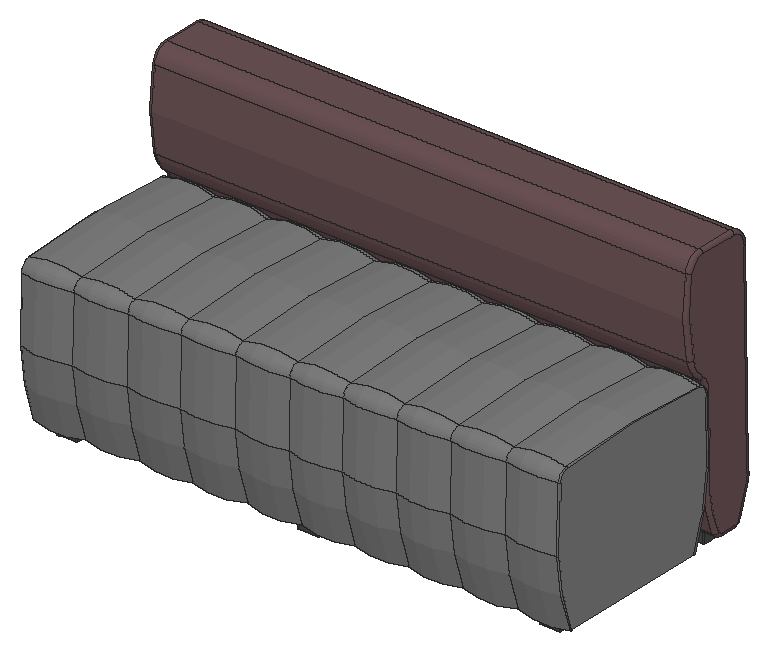
Revit family "Chair-Soft_Seating-Allermuir-Haven_Bench-HAB200B", category Furniture, Revit 2012
Parameters (values of type "HAB200B")
  ecoScorecard_data = "http://thesenatorgroup.ecoscorecard.com/product/HAB200B"
  ecoScorecard Product Page = "http://products.ecoscorecard.com/allermuir/HAB200B?action=html"
  Width = 0"
  Weight = 0.0 lbf
  Upholstered Seat = "No"
  Upholstered Back = "No"
  URL = "http://www.allermuir.net/Default.aspx"
  Subcategory = "Soft Seating"  # constant formula
  Stacks = no
  Specifications URL = ""
  Seat or Top = Fabric - Allermuir - Silcoates
  Product Page URL = "http://www.allermuir.net/Products.aspx?RangeId=495"
  Product Line = "Haven Bench"  # constant formula
  Pricing URL = ""
  Plugin Data URL = "http://products.ecoscorecard.com/thesenatorgroup/HAB200B"
  Plastic Arms in Black = "No"
  Model = "HAB200B"  # constant formula
  Manufacturer Phone - Toll Free = "(888) 887 5806"  # constant formula
  Manufacturer Phone = "(419) 887 5806"  # constant formula
  Manufacturer Fax = "(419) 887 5805"  # constant formula
  Manufacturer Email = "mailto:contact@allermuir-na.com"
  Manufacturer Address = "1630 Holland Road, Maumee, Ohio 43537 "  # constant formula
  Manufacturer = "Allermuir"  # constant formula
  LEED Stats URL = ""
  Height = 0"
  Fabric Spec Sheets = "http://www.allermuir.net/Services/File.ashx?Type=B&Id=51"
  Description = ""
  Depth = 0"
  Color Availability = "See price list for material options"  # constant formula
  CAD Blocks URL = ""
  Brochure URL = ""
  Base = Plastic - Allermuir - Black
  Back = Fabric - Allermuir - Upholstery - Velvet - Red
  Assembly Code = "E2020200"
  95 CSI = "12510"  # constant formula
  04 CSI = "12 51 00"  # constant formula
Reference planes
  plane 1 "Center Front/Back": y = 0
  plane 2: z = 0
  plane 3 "Center Left/Right": x = 0
  plane 4: y = 359.331
  plane 5: y = -323.637
  plane 6: z = 780.256
  plane 7: x = -760.699
  plane 8: x = 757.524
Dimensions and locks
  plane 4 to plane 5 = 26.88848"
  plane 6 to level = 30 23/32"  (x2)
  locked: plane 7 to plane 8 at 1518.222
  plane 5 to plane 1 "Center Front/Back" = 12.74161"
  aligned and locked: plane 3 "Center Left/Right" to nested 1
  aligned and locked: plane 5 to nested 1
  aligned and locked: nested 2 to plane 4
  aligned and locked: nested 2 to nested 1
Nested families
  nested 1: "HAB200BM" at (0, -58.341, 0), type "HAB200BM"
  nested 2: "HAB200BM-Back-Rest" at (24.943, 10.081, 0), type "HAB200BM"
Definition of nested family "HAB200BM"
  Parameters (values of type "HAB200BM")
    URL = "http://www.allermuir.net/Default.aspx"
    Stand = Plastic - Allermuir - Black
    Stacks = no
    Side Stand = Metal - Allermuir - Chrome - Polished
    Seat = Fabric - Allermuir - Silcoates
    Model = "HAB100"
    Manufacturer = "Allermuir"  # constant formula
    Description = ""
    Assembly Code = "E2020200"
  Reference planes
    plane 1 "Center Front/Back": y = 0
    plane 2: z = 0
    plane 3 "Center Left/Right": x = 0
    plane 4: y = 278.492
    plane 5: y = -265.296
    plane 6: z = 466.328
    plane 7: y = 174.511
    plane 8: y = -161.315
    plane 9: x = -747.478
    plane 10: x = -671.278
    plane 11: x = 747.478
    plane 12: x = 671.278
  Forms (mm)
    Sweep 1, solid, material "Fabric - Allermuir - Silcoates" <- "Seat"
      path origin (0, 0, -3.969) x (0, 1, 0) y (0, 0, 1)
        loop
          arc (230.619, 28.377) -> (262.694, 128.867) -> (276.965, 233.381) r 609.6
          arc (276.965, 233.381) -> (278.479, 325.472) -> (273.982, 417.465) r 1411.053
          arc (273.982, 417.465) -> (262.719, 442.368) -> (238.222, 454.489) r 40.603
          arc (238.222, 454.489) -> (7.264, 468.236) -> (-223.765, 455.728) r 2038.86
          arc (-223.765, 455.728) -> (-248.079, 443.981) -> (-259.64, 419.577) r 40.58
          arc (-259.64, 419.577) -> (-265.536, 328.435) -> (-264.387, 237.109) r 1183.48
          arc (-264.387, 237.109) -> (-249.725, 130.711) -> (-217.12, 28.377) r 627.008
      profile origin (0, 7.264, 464.267) x (0, -0.002682, -0.999996) y (1, 0, 0)
        loop
          arc (10.108, -745.462) -> (11.467, -747.415) -> (13.724, -748.165) r 3.77
          line (13.724, -748.165) -> (14.881, -748.165) -> (14.881, 751.457) -> (12.785, 751.457)
          arc (12.785, 751.457) -> (10.529, 750.699) -> (9.189, 748.733) r 3.735
          arc (9.189, 748.733) -> (-0.333, 674.997) -> (11.738, 601.636) r 255.942
          arc (11.738, 601.636) -> (-0.369, 525.083) -> (10.994, 448.417) r 255.942
          arc (10.994, 448.417) -> (-0.371, 373.433) -> (10.736, 298.411) r 255.942
          arc (10.736, 298.411) -> (-0.371, 223.387) -> (10.994, 148.403) r 255.942
          arc (10.994, 148.403) -> (-0.369, 74.256) -> (10.253, 0) r 255.942
          arc (10.253, 0) -> (-0.355, -75.93) -> (12.002, -151.596) r 255.942
          arc (12.002, -151.596) -> (-0.344, -226.43) -> (9.784, -301.596) r 255.942
          arc (9.784, -301.596) -> (-0.344, -376.765) -> (12.003, -451.601) r 255.942
          arc (12.003, -451.601) -> (-0.344, -526.433) -> (9.782, -601.598) r 255.942
          arc (9.782, -601.598) -> (-0.371, -673.554) -> (10.108, -745.462) r 255.942
    Extrusion 2, solid, material "Fabric - Allermuir - Silcoates" <- "Seat"
      sketch origin (0, 0, -3.969) x (0, 1, 0) y (0, 0, 1)
        loop
          line (-203.329, 33.969) -> (216.827, 33.969)
          arc (216.827, 33.969) -> (248.162, 132.073) -> (262.102, 234.112) r 594.719
          arc (262.102, 234.112) -> (263.6, 325.231) -> (259.15, 416.253) r 1396.171
          arc (259.15, 416.253) -> (252.015, 432.029) -> (236.497, 439.708) r 25.722
          arc (236.497, 439.708) -> (7.224, 453.355) -> (-222.118, 440.938) r 2023.978
          arc (-222.118, 440.938) -> (-237.517, 433.499) -> (-244.837, 418.044) r 25.699
          arc (-244.837, 418.044) -> (-250.66, 328.048) -> (-249.525, 237.871) r 1168.598
          arc (-249.525, 237.871) -> (-235.197, 133.933) -> (-203.329, 33.969) r 612.126
      from -748.165 to 751.457
  Cuts and joins
    joined: Sweep 1, Extrusion 2
  Lines and regions (mm)
    symbolic lines, style "Sofa"
      curve 1: line (-748.165, 206.72, 0) -> (-748.165, -252.389, 0)
      curve 2: line (-601.598, -256.155, 0) -> (-601.598, 192.767, 0)
      curve 3: line (-451.601, -253.933, 0) -> (-451.601, 192.767, 0)
      curve 4: line (-301.596, -256.153, 0) -> (-301.596, 192.767, 0)
      curve 5: line (-151.596, -253.935, 0) -> (-151.596, 192.767, 0)
      curve 6: line (0, -255.684, 0) -> (0, 192.767, 0)
      curve 7: line (148.403, -254.942, 0) -> (148.403, 192.767, 0)
      curve 8: line (298.411, -254.942, 0) -> (298.411, 192.767, 0)
      curve 9: line (448.417, -254.942, 0) -> (448.417, 192.767, 0)
      curve 10: line (601.636, -254.198, 0) -> (601.636, 192.767, 0)
      curve 11: line (751.456, 202.031, 0) -> (751.456, -253.141, 0)
      curve 12: arc (-601.598, -256.155, 0) -> (-673.669, -266.493, 0) -> (-745.679, -255.738, 0) r 251.309
      curve 13: arc (-748.165, -252.389, 0) -> (-747.475, -254.475, 0) -> (-745.679, -255.738, 0) r 3.499
      curve 14: arc (-601.598, -256.155, 0) -> (-526.434, -266.229, 0) -> (-451.601, -253.933, 0) r 257.056
      curve 15: arc (-451.601, -253.933, 0) -> (-376.762, -266.074, 0) -> (-301.596, -256.153, 0) r 260.51
      curve 16: arc (-301.596, -256.153, 0) -> (-226.434, -265.986, 0) -> (-151.596, -253.935, 0) r 262.536
      curve 17: arc (-151.596, -253.935, 0) -> (-75.93, -266.276, 0) -> (0, -255.684, 0) r 256.265
      curve 18: arc (0, -255.684, 0) -> (74.257, -266.419, 0) -> (148.403, -254.942, 0) r 253.434
      curve 19: arc (148.403, -254.942, 0) -> (223.407, -266.447, 0) -> (298.411, -254.942, 0) r 250.24
      curve 20: arc (298.411, -254.942, 0) -> (373.414, -265.606, 0) -> (448.417, -254.942, 0) r 269.096
      curve 21: arc (601.636, -254.198, 0) -> (674.982, -266.477, 0) -> (748.714, -256.779, 0) r 251.615
      curve 22: arc (751.456, -253.141, 0) -> (750.694, -255.419, 0) -> (748.714, -256.779, 0) r 3.785
      curve 23: arc (448.417, -254.942, 0) -> (525.084, -266.441, 0) -> (601.636, -254.198, 0) r 253.152
  Dimensions and locks
    plane 4 to plane 5 = 21.40899"
    plane 6 to level = 18 23/64"
    locked: plane 4 to plane 7 at 103.981
    locked: plane 5 to plane 8 at 103.981
    locked: plane 9 to plane 10 at 76.2
    locked: plane 11 to plane 12 at 76.2
    locked: plane 10 to plane 12 at 1342.555
    equal spacing: plane 10, plane 3 "Center Left/Right", plane 12
    aligned and locked: Sweep 1 to Extrusion 2
  Automatic sketch dimensions
    level to Extrusion 2 sketch curve = 1.1811"
    plane 7 to Extrusion 2 sketch curve = 1.66598"
    Sweep 1 sketch curve to profile plane = 0"
    Sweep 1 sketch curve to Sweep 1 sketch curve = 0"  (x15)
    Sweep 1 sketch curve to profile plane = 0.38511"
    Sweep 1 sketch curve to profile plane = 0.3852"
    Sweep 1 sketch curve to profile plane = 0.39796"
    Sweep 1 sketch curve to profile plane = 0.40366"
    Sweep 1 sketch curve to profile plane = 0.42268"
    Sweep 1 sketch curve to profile plane = 0.46213"
    Sweep 1 sketch curve to profile plane = 0.43283"
    Sweep 1 sketch curve to profile plane = 0.43285"
    Sweep 1 sketch curve to profile plane = 0.47252"
    Sweep 1 sketch curve to profile plane = 0.47257"
    Sweep 1 sketch curve to Sweep 1 sketch curve = 0.14157"
    Sweep 1 sketch curve to Sweep 1 sketch curve = 0.14236"
    Sweep 1 sketch curve to Sweep 1 sketch curve = 0.04556"
    Sweep 1 sketch curve to profile plane = 10.06183"  (x3)
    Sweep 1 sketch curve to profile plane = 2.87313"
    profile plane to Sweep 1 sketch curve = 2.87313"
    Sweep 1 sketch curve to Sweep 1 sketch curve = 6.19041"
    Sweep 1 sketch curve to Sweep 1 sketch curve = 5.62067"
    Sweep 1 sketch curve to Sweep 1 sketch curve = 6.19073"
    Sweep 1 sketch curve to Sweep 1 sketch curve = 5.62008"
    Sweep 1 sketch curve to Sweep 1 sketch curve = 5.939"
    Sweep 1 sketch curve to Sweep 1 sketch curve = 5.87264"
    Sweep 1 sketch curve to Sweep 1 sketch curve = 5.93885"
    Sweep 1 sketch curve to Sweep 1 sketch curve = 6.12565"
    Sweep 1 sketch curve to Sweep 1 sketch curve = 0.2241"
    Extrusion 2 sketch curve to Extrusion 2 sketch curve = 0"  (x6)
    Extrusion 2 sketch curve to plane 5 = 2.43965"
    plane 4 to Extrusion 2 sketch curve = 3.27982"
    plane 5 to Extrusion 2 sketch curve = 2.62223"
    Extrusion 2 sketch curve to plane 6 = 6.60184"
    Extrusion 2 sketch curve to plane 4 = 0.6453"
    Extrusion 2 sketch curve to plane 4 = 1.7708"
    Extrusion 2 sketch curve to plane 4 = 0.7615"
    Extrusion 2 sketch curve to plane 1 "Center Front/Back" = 0.07067"
    Extrusion 2 sketch curve to Extrusion 2 sketch curve = 0.11743"
    Extrusion 2 sketch curve to plane 5 = 0.80546"
    Extrusion 2 sketch curve to plane 5 = 0.62092"
    Extrusion 2 sketch curve to Extrusion 2 sketch curve = 0.89446"
    Extrusion 2 sketch curve to Extrusion 2 sketch curve = 1.00639"
    Extrusion 2 sketch curve to Extrusion 2 sketch curve = 21.87967"
    Sweep 1 sketch curve to plane 6 = 6.60184"
    plane 5 to Sweep 1 sketch curve = 34.13749"
    plane 5 to Sweep 1 sketch curve = 2.62223"
    Sweep 1 sketch curve to plane 5 = 0.03581"
    Sweep 1 sketch curve to plane 5 = 0.2227"
    Sweep 1 sketch curve to plane 6 = 0.57357"
    Sweep 1 sketch curve to plane 5 = 1.6351"
    Sweep 1 sketch curve to Sweep 1 sketch curve = 0.17675"
    Sweep 1 sketch curve to plane 1 "Center Front/Back" = 0.07067"
    Sweep 1 sketch curve to plane 4 = 1.88479"
    Sweep 1 sketch curve to plane 4 = 1.7708"
    Sweep 1 sketch curve to Sweep 1 sketch curve = 0.18537"
    Sweep 1 sketch curve to plane 4 = 0.17756"
    Sweep 1 sketch curve to plane 4 = 0.06013"
    plane 4 to Sweep 1 sketch curve = 3.27982"
    level to Sweep 1 sketch curve = 123/128"
    Sweep 1 sketch curve to Sweep 1 sketch curve = 1.86088"
    curve 6 to plane 3 "Center Left/Right" = 0"
    plane 1 "Center Front/Back" to curve 17 = 0.3948"
    curve 17 to plane 3 "Center Left/Right" = 2.87297"
    curve 5 to plane 5 = 0.44731"
    curve 5 to plane 3 "Center Left/Right" = 5.96833"
    plane 1 "Center Front/Back" to curve 16 = 0.13695"
    curve 16 to curve 17 = 6.19457"
    curve 16 to plane 5 = 0.35999"
    plane 1 "Center Front/Back" to curve 15 = 0.22018"
    curve 15 to curve 16 = 5.61388"
    curve 14 to plane 5 = 0.44736"
    plane 1 "Center Front/Back" to curve 14 = 0.36228"
    plane 10 to curve 14 = 5.55265"
    curve 14 to plane 5 = 0.3599"
    curve 12 to plane 10 = 0.06555"
    plane 9 to curve 13 = 0.1107"
    plane 9 to curve 13 = 0.07083"
    curve 12 to curve 13 = 0"
    curve 1 to plane 9 = 0.02706"
    plane 1 "Center Front/Back" to curve 18 = 0.51133"
    plane 3 "Center Left/Right" to curve 18 = 2.87364"
    curve 18 to plane 5 = 0.40764"
    plane 1 "Center Front/Back" to curve 19 = 0.63808"
    curve 18 to curve 19 = 5.9219"
    plane 7 to curve 8 = 23/32"
    curve 7 to curve 8 = 5.90582"
    curve 20 to plane 1 "Center Front/Back" = 0.13741"
    curve 19 to curve 20 = 5.90578"
    curve 9 to plane 5 = 0.40764"
    plane 1 "Center Front/Back" to curve 23 = 0.52327"
    plane 12 to curve 23 = 5.80404"
    curve 10 to plane 5 = 0.43692"
    curve 21 to plane 12 = 0.31964"
    curve 22 to plane 11 = 0.00762"
    curve 22 to plane 11 = 0.04867"
    curve 21 to curve 22 = 0"
    curve 11 to plane 11 = 0.15663"
    plane 7 to curve 6 = 23/32"
    plane 7 to curve 10 = 23/32"
    plane 7 to curve 3 = 23/32"
    plane 7 to curve 7 = 23/32"
    plane 7 to curve 4 = 23/32"
    plane 7 to curve 5 = 23/32"
    plane 7 to curve 9 = 23/32"
    plane 7 to curve 2 = 23/32"
    plane 7 to curve 11 = 1.08345"
    plane 7 to curve 1 = 1.26808"
  Nested families
    nested 1: "Leg" at (-671.389, 176.892, 0), type "PSM102"
    nested 2: "Leg" at (1.587, 176.099, 0), type "PSM102"
    nested 3: "Leg" at (-670.924, -157.346, 0), type "PSM102"
    nested 4: "Leg" at (674.744, 176.099, 0), type "PSM102"
    nested 5: "Leg" at (2.381, -157.346, 0), type "PSM102"
    nested 6: "Leg" at (674.303, -156.552, 0), type "PSM102"
  Definition of nested family "Leg"
    Parameters (values of type "PSM102")
      URL = ""
      Stand = Plastic - Allermuir - Black
      Stacks = no
      Model = ""
      Manufacturer = ""
      Description = ""
      Assembly Code = "E2020200"
    Reference planes
      plane 1 "Center Front/Back": y = 0
      plane 2: z = 0
      plane 3 "Center Left/Right": x = 0
      plane 4: z = 30
      plane 5: through (42.717, 1524.892, 1219.2) normal (1, -0.0075, 0)
      plane 6: through (-1525.181, 42.166, 1219.2) normal (0.0075, 1, 0)
      plane 7: through (-19.17, 1524.892, 1219.2) normal (1, -0.0075, 0)
      plane 8: through (-1525.181, -19.721, 1219.2) normal (0.0075, 1, 0)
    Forms (mm)
      Blend 1, solid, material "Plastic - Allermuir - Black" <- "Stand"
        base sketch origin (0, 0, 0) x (1, 0, 0) y (0, 1, 0)
          loop
            arc (-26.682, 29.891) -> (-28.652, 29.092) -> (-29.481, 27.133) r 2.778
            line (-29.481, 27.133) -> (-29.891, -27.235)
            arc (-29.891, -27.235) -> (-29.092, -29.205) -> (-27.133, -30.034) r 2.778
            line (-27.133, -30.034) -> (27.235, -30.444)
            arc (27.235, -30.444) -> (29.205, -29.645) -> (30.034, -27.687) r 2.778
            line (30.034, -27.687) -> (30.444, 26.682)
            arc (30.444, 26.682) -> (29.645, 28.652) -> (27.687, 29.481) r 2.778
            line (27.687, 29.481) -> (-26.682, 29.891)
        top sketch origin (0, 0, 0) x (1, 0, 0) y (0, 1, 0)
          loop
            arc (31.431, 27.654) -> (30.632, 29.625) -> (28.674, 30.453) r 2.778
            line (28.674, 30.453) -> (-27.654, 30.878)
            arc (-27.654, 30.878) -> (-29.625, 30.079) -> (-30.453, 28.121) r 2.778
            line (-30.453, 28.121) -> (-30.878, -28.207)
            arc (-30.878, -28.207) -> (-30.079, -30.178) -> (-28.121, -31.006) r 2.778
            line (-28.121, -31.006) -> (28.207, -31.431)
            arc (28.207, -31.431) -> (30.178, -30.632) -> (31.006, -28.674) r 2.778
            line (31.006, -28.674) -> (31.431, 27.654)
        from 0 to 30
    Dimensions and locks
      locked: plane 7 to plane 5 at 61.886
      locked: plane 6 to plane 8 at 61.886
      locked: plane 4 to level at 30
Definition of nested family "HAB200BM-Back-Rest"
  Parameters (values of type "HAB200BM")
    URL = "http://www.allermuir.net/Default.aspx"
    Model = "PSM102"
    Manufacturer = "Allermuir"  # constant formula
    Description = ""
    Color Availability = "See price list for material options"  # constant formula
    Back Rest = Fabric - Allermuir - Upholstery - Velvet - Red
    Assembly Code = "E2020200"
  Reference planes
    plane 1 "Center Front/Back": y = 0
    plane 2: z = 0
    plane 3 "Center Left/Right": x = 0
    plane 4: z = 780.276
    plane 5: x = 726.514
    plane 6: x = -683.734
    plane 7: y = 349.25
    plane 8: y = -336.55
  Forms (mm)
    Sweep 1, solid, material "Fabric - Allermuir - Upholstery - Velvet - Red" <- "Back Rest"
      path origin (0, 0, 0) x (0, 1, 0) y (0, 0, 1)
        loop
          arc (287.786, 777.021) -> (233.759, 779.501) -> (179.717, 777.382) r 635.833
          arc (179.717, 777.382) -> (149.801, 764.438) -> (133.91, 735.977) r 50.8
          arc (133.91, 735.977) -> (124.881, 624.919) -> (138.426, 514.322) r 549.847
          arc (138.426, 514.322) -> (151.944, 480.888) -> (175.34, 453.444) r 112.578
          arc (175.34, 453.444) -> (187.228, 438.729) -> (192.908, 420.684) r 50.8
          arc (192.908, 420.684) -> (199.489, 321.271) -> (195.803, 221.708) r 966.766
          arc (195.803, 221.708) -> (199.73, 131.593) -> (227.054, 45.631) r 342.39
          arc (227.054, 45.631) -> (235.405, 35.683) -> (247.583, 31.165) r 25.4
          arc (247.583, 31.165) -> (270.869, 30.009) -> (294.161, 31.049) r 247.493
          arc (294.161, 31.049) -> (306.956, 35.934) -> (315.355, 46.754) r 25.4
          arc (315.355, 46.754) -> (330.686, 88.951) -> (342.72, 132.205) r 582.2
          arc (342.72, 132.205) -> (344.554, 142.103) -> (345.4, 152.134) r 101.6
          arc (345.4, 152.134) -> (347.534, 441.313) -> (333.961, 730.181) r 5322.758
          arc (333.961, 730.181) -> (319.477, 762.083) -> (287.786, 777.021) r 50.8
      profile origin (0, 233.759, 779.501) x (0, -0.003339, -0.999994) y (1, 0, 0)
        loop
          arc (-0.428, -762.644) -> (2.637, -770.044) -> (10.037, -773.109) r 10.465
          line (10.037, -773.109) -> (12.7, -773.109) -> (12.7, 726.535) -> (9.99, 726.535)
          arc (9.99, 726.535) -> (2.623, 723.484) -> (-0.428, 716.117) r 10.418
          line (-0.428, 716.117) -> (-0.428, -762.644)
    Extrusion 2, solid, material "Fabric - Allermuir - Upholstery - Velvet - Red" <- "Back Rest"
      sketch origin (726.535, 231.636, 143.672) x (0, 0.088309, 0.996093) y (0, -0.996093, 0.088309)
        loop
          arc (580.167, 137.007) -> (471.319, 136.212) -> (364.867, 113.49) r 537.147
          arc (364.867, 113.49) -> (336.38, 98.924) -> (313.96, 76.099) r 99.878
          arc (313.96, 76.099) -> (296.95, 59.672) -> (275.109, 50.608) r 63.5
          arc (275.109, 50.608) -> (175.372, 35.073) -> (74.565, 29.885) r 979.466
          arc (74.565, 29.885) -> (-11.534, 18.455) -> (-91.661, -15.062) r 329.69
          arc (-91.661, -15.062) -> (-96.247, -19.661) -> (-97.959, -25.925) r 12.7
          arc (-97.959, -25.925) -> (-97.101, -48.027) -> (-94.167, -69.95) r 234.793
          arc (-94.167, -69.95) -> (-91.169, -76.107) -> (-85.409, -79.812) r 12.7
          arc (-85.409, -79.812) -> (-42.969, -91.105) -> (0.214, -99.094) r 569.5
          arc (0.214, -99.094) -> (8.983, -99.928) -> (17.792, -99.89) r 88.9
          arc (17.792, -99.89) -> (305.342, -76.535) -> (591.199, -37.598) r 5310.058
          arc (591.199, -37.598) -> (614.072, -24.665) -> (623.133, 0) r 38.1
          arc (623.133, 0) -> (620.879, 52.956) -> (614.133, 105.528) r 623.133
          arc (614.133, 105.528) -> (602.481, 127.02) -> (580.167, 137.007) r 38.1
      from -1499.644 to 0
  Cuts and joins
    joined: Sweep 1, Extrusion 2
  Lines and regions (mm)
    symbolic lines, style "Back-Rest"
      curve 1: line (716.139, 349.016, 0) -> (-762.588, 349.016, 0)
      curve 2: line (-773.108, 338.496, 0) -> (-773.108, 134.78, 0)
      curve 3: line (-762.681, 124.353, 0) -> (716.175, 124.353, 0)
      curve 4: line (726.534, 338.621, 0) -> (726.534, 134.712, 0)
      curve 5: arc (726.534, 338.621, 0) -> (723.489, 345.971, 0) -> (716.139, 349.016, 0) r 10.395
      curve 6: arc (716.175, 124.353, 0) -> (723.5, 127.387, 0) -> (726.534, 134.712, 0) r 10.359
      curve 7: arc (-762.588, 349.016, 0) -> (-770.027, 345.934, 0) -> (-773.108, 338.496, 0) r 10.52
      curve 8: arc (-773.108, 134.78, 0) -> (-770.054, 127.407, 0) -> (-762.681, 124.353, 0) r 10.427
  Dimensions and locks
    plane 4 to level = 30.71955"
    aligned and locked: Extrusion 2 to Sweep 1
  Nested families
    nested 1: "Leg" at (-695.812, 272.29, 0), type "PSM102"
    nested 2: "Leg" at (-22.879, 272.29, 0), type "PSM102"
    nested 3: "Leg" at (650.375, 272.29, 0), type "PSM102"
  Definition of nested family "Leg"
    Parameters (values of type "HAB200BM")
      URL = ""
      Stand = Plastic - Allermuir - Black
      Stacks = no
      Model = ""
      Manufacturer = ""
      Description = ""
      Assembly Code = "E2020200"
    Reference planes
      plane 1 "Center Front/Back": y = 0
      plane 2: z = 0
      plane 3 "Center Left/Right": x = 0
      plane 4: z = 30
      plane 5: through (42.717, 1524.892, 1219.2) normal (1, -0.0075, 0)
      plane 6: through (-1525.181, 42.166, 1219.2) normal (0.0075, 1, 0)
      plane 7: through (-19.17, 1524.892, 1219.2) normal (1, -0.0075, 0)
      plane 8: through (-1525.181, -19.721, 1219.2) normal (0.0075, 1, 0)
    Forms (mm)
      Blend 1, solid, material "Plastic - Allermuir - Black" <- "Stand"
        base sketch origin (0, 0, 0) x (1, 0, 0) y (0, 1, 0)
          loop
            arc (-26.682, 29.891) -> (-28.652, 29.092) -> (-29.481, 27.133) r 2.778
            line (-29.481, 27.133) -> (-29.891, -27.235)
            arc (-29.891, -27.235) -> (-29.092, -29.205) -> (-27.133, -30.034) r 2.778
            line (-27.133, -30.034) -> (27.235, -30.444)
            arc (27.235, -30.444) -> (29.205, -29.645) -> (30.034, -27.687) r 2.778
            line (30.034, -27.687) -> (30.444, 26.682)
            arc (30.444, 26.682) -> (29.645, 28.652) -> (27.687, 29.481) r 2.778
            line (27.687, 29.481) -> (-26.682, 29.891)
        top sketch origin (0, 0, 0) x (1, 0, 0) y (0, 1, 0)
          loop
            arc (31.431, 27.654) -> (30.632, 29.625) -> (28.674, 30.453) r 2.778
            line (28.674, 30.453) -> (-27.654, 30.878)
            arc (-27.654, 30.878) -> (-29.625, 30.079) -> (-30.453, 28.121) r 2.778
            line (-30.453, 28.121) -> (-30.878, -28.207)
            arc (-30.878, -28.207) -> (-30.079, -30.178) -> (-28.121, -31.006) r 2.778
            line (-28.121, -31.006) -> (28.207, -31.431)
            arc (28.207, -31.431) -> (30.178, -30.632) -> (31.006, -28.674) r 2.778
            line (31.006, -28.674) -> (31.431, 27.654)
        from 0 to 30
    Dimensions and locks
      locked: plane 7 to plane 5 at 61.886
      locked: plane 6 to plane 8 at 61.886
      locked: plane 4 to level at 30
